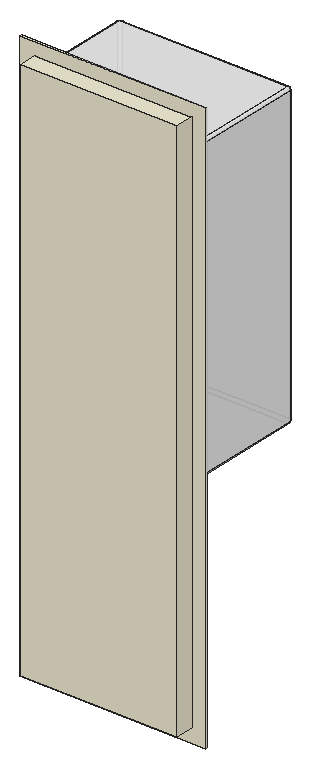
Revit family "3-564-xxx -  Epoch Wall Sconce", category Lighting Fixtures, host Wall, Revit 2018
Family settings
  Host = Wall
  Round Connector Dimension = Use Diameter
  Part Type = Normal
  OmniClass Number = 23.80.70.00
  OmniClass Title = Lighting
  Always vertical = Yes
  Cut with Voids When Loaded = No
  Light Source = Yes
  Shared = No
  Room Calculation Point = No
Parameters (values of type "3-564-224 / Satin Nickel - Matte White Acrylic")
  Wattage Comments = "1 x 10.1 W at 120 V"  # constant formula
  Wattage = 9.2903 W
  built-in parameter 1150110 = 1 (stored number, unit not read)
  Voltage Input = "120 V or 277 V - 50/60 Hz"  # constant formula
  Voltage = 120 V
  URL = "www.oxygenlighting.com"
  built-in parameter 1114217 = 1 (stored number, unit not read)
  built-in parameter 1150109 = 1 (stored number, unit not read)
  built-in parameter 1150134 = (empty or 0)
  built-in parameter 1150113 = 1 (stored number, unit not read)
  References = "Ref. 3 = 120 V / Ref. 37 = 277 V"  # constant formula
  Model = "3-564-xxx / Epoch Wall Sconce"  # constant formula
  Metal Finish = 24 - Satin Nickel
  Manufacturer = "Oxygen Lighting and Fans"  # constant formula
  Main Diffuser = Matte White Acrylic
  Lumens = 1380 lm
  built-in parameter 1150115 = 1 (stored number, unit not read)
  built-in parameter 1150105 = 109.82 (stored number, unit not read)
  Light Source Symbol Size = 609.6 mm
  built-in parameter 1150137 = (empty or 0)
  built-in parameter 1150139 = (empty or 0)
  built-in parameter 1150112 = 1 (stored number, unit not read)
  built-in parameter 1150114 = 1 (stored number, unit not read)
  Lamp = "LED Array"  # constant formula
  built-in parameter 1150132 = 2
  built-in parameter 1150102 = (empty or 0)
  built-in parameter 1150138 = (empty or 0)
  built-in parameter 1150107 = 3000 (stored number, unit not read)
  built-in parameter 1150106 = 1.0982 (stored number, unit not read)
  built-in parameter 1150104 = 13.8 (stored number, unit not read)
  Dimming Lamp Color Temperature Shift = <None>
  Color Filter = 16777215
  built-in parameter 1114218 = 1 (stored number, unit not read)
  built-in parameter 1150133 = 10 (stored number, unit not read)
Types (6, lengths in mm): name | Metal Finish | Main Diffuser
  3-564-122 / Oiled Bronze - White Cotton | 22- Oiled Bronze | White Cotton
  3-564-124 / Satin Nickel - White Cotton | 24 - Satin Nickel | White Cotton
  3-564-140 / Aged Brass - White Cotton | 40 - Aged Brass | White Cotton
  3-564-222 / Oiled Bronze - Matte White Acrylic | 22- Oiled Bronze | Matte White Acrylic
  3-564-224 / Satin Nickel - Matte White Acrylic | 24 - Satin Nickel | Matte White Acrylic
  3-564-240 / Aged Brass - Matte White Acrylic | 40 - Aged Brass | Matte White Acrylic
Reference planes
  plane 1: y = 0
  plane 2 "Light Source Axis (L/R)": x = 125
  plane 3 "Light Source Axis (F/R)": y = 150
  plane 4 "Light Source Elevation": z = 1200
  plane 5: y = 75
Text (mm)
  text "Placement side" at (-1787.139, 1116.779, 0), in view "Ref. Level"
  text "Placement side" at (0, 2110.396, 2986.058), in view "Left"
  text "Placement side" at (0, 628.478, 3011.967), in view "Right"
Dimensions and locks
  locked: plane 4 "Light Source Elevation" to nested 1 at 136.091
  aligned and locked: plane 1 to host wall
  aligned and locked: plane 2 "Light Source Axis (L/R)" to imposter light
  aligned and locked: plane 3 "Light Source Axis (F/R)" to imposter light
  aligned and locked: plane 4 "Light Source Elevation" to imposter light
  aligned and locked: plane 5 to host wall
  aligned and locked: plane 2 "Light Source Axis (L/R)" to nested 1
  aligned and locked: nested 1 to plane 5
Nested families
  nested 1: "Base" at (125, 75, 1135), type "Base"
Connectors
  electrical at (125.012, 75, 1135), driven by "Voltage"
    settings: on nested 1, index 1, voltage 120 V, apparent load 0 VA, apparent load phase1 0 VA, apparent load phase2 0 VA, apparent load phase3 0 VA, power factor 1, load classification "Other", number of poles 1, system type 31, power factor state 1, is connector primary yes, connector utility no, sub classification motor no, connector description ""
Definition of nested family "Base"
  Parameters (values of type "Family2")
    White = none
    Metal Finish = none
    Main Diffuser = none
  Reference planes
    plane 1 "Center (Front/Back)": y = 0
    plane 2: z = 0
    plane 3 "Center (Left/Right)": x = 0
  Forms (mm)
    Extrusion 1, solid, material <- "Main Diffuser"
      sketch origin (0, 0, 0) x (0, 1, 0) y (0, 0, 1)
        loop
          line (13.649, 177.607) -> (13.649, -34.419) -> (92.289, -34.419)
          arc (92.289, -34.419) -> (93.703, -33.834) -> (94.289, -32.419) r 2
          line (94.289, -32.419) -> (94.289, 175.607)
          arc (94.289, 175.607) -> (93.703, 177.022) -> (92.289, 177.607) r 2
          line (92.289, 177.607) -> (13.649, 177.607)
      from -60.7 to 60.7
    Sweep 2, void
      path in 3D
        loop
          line (60.7, 13.649, -34.419) -> (60.7, 92.289, -34.419)
          arc (60.7, 92.289, -34.419) -> (60.7, 93.703, -33.834) -> (60.7, 94.289, -32.419) r 2
          line (60.7, 94.289, -32.419) -> (60.7, 94.289, 175.607)
          arc (60.7, 94.289, 175.607) -> (60.7, 93.703, 177.022) -> (60.7, 92.289, 177.607) r 2
          line (60.7, 92.289, 177.607) -> (60.7, 13.649, 177.607)
      profile origin (60.7, 52.969, 177.607) x (1, 0, 0) y (0, 0, 1)
        loop
          line (0, 0) -> (-2, 0)
          arc (-2, 0) -> (-0.586, -0.586) -> (0, -2) r 2
          line (0, -2) -> (0, 0)
    Sweep 3, void
      path in 3D
        loop
          line (-60.7, 13.649, 177.607) -> (-60.7, 92.289, 177.607)
          arc (-60.7, 92.289, 177.607) -> (-60.7, 93.703, 177.022) -> (-60.7, 94.289, 175.607) r 2
          line (-60.7, 94.289, 175.607) -> (-60.7, 94.289, -32.419)
          arc (-60.7, 94.289, -32.419) -> (-60.7, 93.703, -33.834) -> (-60.7, 92.289, -34.419) r 2
          line (-60.7, 92.289, -34.419) -> (-60.7, 13.649, -34.419)
      profile origin (-60.7, 52.969, 177.607) x (-1, 0, 0) y (0, 0, 1)
        loop
          line (0, 0) -> (-2, 0)
          arc (-2, 0) -> (-0.586, -0.586) -> (0, -2) r 2
          line (0, -2) -> (0, 0)
    Extrusion 4, solid, material <- "Metal Finish"
      sketch origin (0, 0, 0) x (0, 1, 0) y (0, 0, 1)
        loop
          line (12.717, 201.091) -> (12.717, -201.091) -> (13.649, -201.091) -> (13.649, 201.091) -> (12.717, 201.091)
      from -65.193 to 65.109
    Extrusion 5, solid, material <- "Metal Finish"
      sketch origin (0, 0, 0) x (0, 1, 0) y (0, 0, 1)
        loop
          line (0, 191.935) -> (0, -191.935) -> (12.717, -191.935) -> (12.717, 191.935) -> (0, 191.935)
      from -54.976 to 55
    Sweep 6, solid, material <- "Metal Finish"
      path origin (0, 0, 0) x (0, 1, 0) y (0, 0, 1)
        loop
          line (13.649, -158.194) -> (59.683, -158.194) -> (59.683, -113.686)
      profile origin (0, 36.666, -158.194) x (0, 0, 1) y (1, 0, 0)
        loop
          circle (0, 0) r 6.358
    Extrusion 7, solid, material <- "White"
      sketch origin (0, 0, 0) x (1, 0, 0) y (0, 1, 0)
        loop
          circle (0, 59.683) r 6.358
      from -113.686 to -54.851
    Extrusion 8, solid, material <- "Metal Finish"
      sketch origin (0, 0, 0) x (1, 0, 0) y (0, 1, 0)
        loop
          circle (0, 59.683) r 6.358
      from -54.851 to -34.419
  Cuts and joins
    Sweep 2, Sweep 3 cuts Extrusion 1
  Lines and regions (mm)
    sketch lines
      curve 1: line (60.7, 92.289, 177.607) -> (60.7, 13.649, 177.607)
      curve 2: line (60.7, 94.289, -32.419) -> (60.7, 94.289, 175.607)
      curve 3: line (60.7, 13.649, -34.419) -> (60.7, 92.289, -34.419)
      curve 4: arc (60.7, 92.289, 177.607) -> (60.7, 93.703, 177.022) -> (60.7, 94.289, 175.607) r 2
      curve 5: arc (60.7, 94.289, -32.419) -> (60.7, 93.703, -33.834) -> (60.7, 92.289, -34.419) r 2
      curve 6: line (-60.7, 13.649, 177.607) -> (-60.7, 92.289, 177.607)
      curve 7: arc (-60.7, 94.289, 175.607) -> (-60.7, 93.703, 177.022) -> (-60.7, 92.289, 177.607) r 2
      curve 8: line (-60.7, 94.289, 175.607) -> (-60.7, 94.289, -32.419)
      curve 9: arc (-60.7, 92.289, -34.419) -> (-60.7, 93.703, -33.834) -> (-60.7, 94.289, -32.419) r 2
      curve 10: line (-60.7, 92.289, -34.419) -> (-60.7, 13.649, -34.419)
  Dimensions and locks
    aligned and locked: level to plane 2
